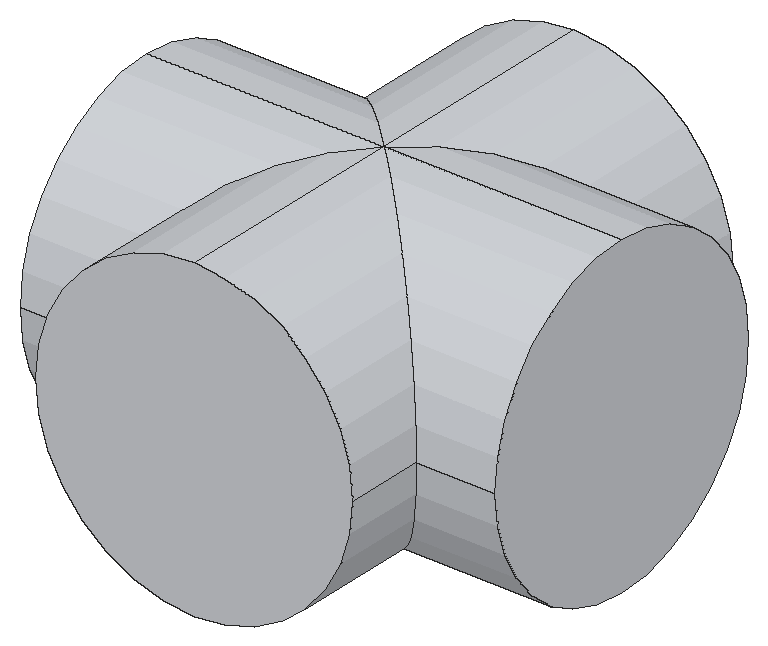
Revit family "M_Round Cross", category Duct Fittings, Revit 2014
Parameters (values of type "Standard")
  Shoulder [instance] = 75 mm
  Duct Radius 4 [instance] = 150 mm
  Duct Radius 3 [instance] = 150 mm
  Duct Radius 1 [instance] = 150 mm
  Duct Length 3 [instance] = Duct Radius 1 + Shoulder  # 225 mm
  Duct Length 1 [instance] = if(Duct Radius 3 > Duct Radius 4, Duct Radius 3 + Shoulder, Duct Radius 4 + Shoulder)  # 225 mm
  Duct Diameter 4 [instance] = Duct Radius 4 * 2  # 300 mm
  Duct Diameter 3 [instance] = Duct Radius 3 * 2  # 300 mm
  Duct Diameter 1 [instance] = Duct Radius 1 * 2  # 300 mm
  Assembly Code = ""
Reference planes
  plane 1 "Center (Front/Back)": y = 0
  plane 2: z = 0
  plane 3 "Center (Left/Right)": x = 0
  plane 4: y = 225
  plane 5: y = -225
  plane 6: x = -225
  plane 7: x = 225
Forms (mm)
  Sweep 1, solid, detail levels medium+fine
    path in 3D
      loop
        line (-225, 0, 0) -> (0, 0, 0)
    profile "M_Duct - Round : Duct - Round" origin (-112.5, 0, 0) x (0, 1, 0) y (0, 0, 1)
      loop
        arc (-150, 0) -> (-106.066, -106.066) -> (0, -150) r 150
        arc (0, -150) -> (106.066, -106.066) -> (150, 0) r 150
        arc (150, 0) -> (106.066, 106.066) -> (0, 150) r 150
        arc (0, 150) -> (-106.066, 106.066) -> (-150, 0) r 150
  Sweep 2, solid, detail levels medium+fine
    path in 3D
      loop
        line (0, 0, 0) -> (225, 0, 0)
    profile "M_Duct - Round : Duct - Round" origin (112.5, 0, 0) x (0, 1, 0) y (0, 0, 1)
      loop
        arc (-150, 0) -> (-106.066, -106.066) -> (0, -150) r 150
        arc (0, -150) -> (106.066, -106.066) -> (150, 0) r 150
        arc (150, 0) -> (106.066, 106.066) -> (0, 150) r 150
        arc (0, 150) -> (-106.066, 106.066) -> (-150, 0) r 150
  Sweep 3, solid, detail levels medium+fine
    path in 3D
      loop
        line (0, 225, 0) -> (0, 0, 0)
    profile "M_Duct - Round : Duct - Round 3" origin (0, 112.5, 0) x (1, 0, 0) y (0, 0, 1)
      loop
        arc (-150, 0) -> (-106.066, -106.066) -> (0, -150) r 150
        arc (0, -150) -> (106.066, -106.066) -> (150, 0) r 150
        arc (150, 0) -> (106.066, 106.066) -> (0, 150) r 150
        arc (0, 150) -> (-106.066, 106.066) -> (-150, 0) r 150
  Sweep 4, solid, detail levels medium+fine
    path in 3D
      loop
        line (0, -225, 0) -> (0, 0, 0)
    profile "M_Duct - Round : Duct - Round 4" origin (0, -112.5, 0) x (-1, 0, 0) y (0, 0, 1)
      loop
        arc (-150, 0) -> (-106.066, -106.066) -> (0, -150) r 150
        arc (0, -150) -> (106.066, -106.066) -> (150, 0) r 150
        arc (150, 0) -> (106.066, 106.066) -> (0, 150) r 150
        arc (0, 150) -> (-106.066, 106.066) -> (-150, 0) r 150
Cuts and joins
  joined: Sweep 1, Sweep 2, Sweep 3, Sweep 4
Lines and regions (mm)
  reference lines
    curve 1: line (-225, 0, 0) -> (0, 0, 0)
    curve 2: line (0, 0, 0) -> (225, 0, 0)
    curve 3: line (0, 225, 0) -> (0, 0, 0)
    curve 4: line (0, -225, 0) -> (0, 0, 0)
  sketch lines
    curve 5: line (-225, 0, 0) -> (0, 0, 0)
    curve 6: line (0, 0, 0) -> (225, 0, 0)
    curve 7: line (0, 225, 0) -> (0, 0, 0)
    curve 8: line (0, -225, 0) -> (0, 0, 0)
  model lines, style "DuctFitting", detail levels coarse
    curve 9: line (-225, 0, 0) -> (0, 0, 0)
    curve 10: line (0, 0, 0) -> (225, 0, 0)
    curve 11: line (0, 225, 0) -> (0, 0, 0)
    curve 12: line (0, -225, 0) -> (0, 0, 0)
Dimensions and locks
  equal spacing: plane 6, plane 3 "Center (Left/Right)", plane 7
  equal spacing: plane 5, plane 1 "Center (Front/Back)", plane 4
  "Duct Length 1": plane 6 to plane 3 "Center (Left/Right)"
  "Duct Length 3": plane 1 "Center (Front/Back)" to plane 4
  aligned and locked: plane 3 "Center (Left/Right)" to curve 1
  aligned and locked: plane 6 to curve 1
  aligned and locked: plane 1 "Center (Front/Back)" to curve 1
  aligned and locked: plane 7 to curve 2
  aligned and locked: plane 1 "Center (Front/Back)" to curve 2
  aligned and locked: plane 5 to curve 4
  aligned and locked: plane 3 "Center (Left/Right)" to curve 4
  aligned and locked: plane 4 to curve 3
  aligned and locked: curve 3 to plane 3 "Center (Left/Right)"
  aligned and locked: curve 9 to curve 1
  aligned and locked: curve 10 to curve 2
  aligned and locked: curve 11 to curve 3
  aligned and locked: curve 12 to curve 4
Automatic sketch dimensions
  curve 9 to plane 6 = 0 mm
  curve 10 to plane 7 = 0 mm
  curve 11 to plane 4 = 0 mm
  curve 12 to plane 5 = 0 mm
Connectors
  hvac at (-225, 0, 0), driven by "Duct Radius 1"
    settings: on cut or joined group of Sweep 1, Sweep 2, Sweep 3, Sweep 4, index 1, duct flow 0.0 L/s, flow factor 0, pres drop 0.0 Pa, loss coef 0, conn angle 0.00°, conn width 304.8 mm, conn height 304.8 mm, conn diameter 300 mm, duct sys type 28, conn prof type 0, flow config 0, flow direction 0, loss method 0, conn ref index 2, conn util no, is conn primary yes, conn desc ""
  hvac at (225, 0, 0), driven by "Duct Radius 1"
    settings: on cut or joined group of Sweep 1, Sweep 2, Sweep 3, Sweep 4, index 2, duct flow 0.0 L/s, flow factor 0, pres drop 0.0 Pa, loss coef 0, conn angle 0.00°, conn width 304.8 mm, conn height 304.8 mm, conn diameter 300 mm, duct sys type 28, conn prof type 0, flow config 0, flow direction 0, loss method 0, conn ref index 1, conn util no, is conn primary no, conn desc ""
  hvac at (0, 225, 0), driven by "Duct Radius 3"
    settings: on cut or joined group of Sweep 1, Sweep 2, Sweep 3, Sweep 4, index 3, duct flow 0.0 L/s, flow factor 0, pres drop 0.0 Pa, loss coef 0, conn angle 0.00°, conn width 304.8 mm, conn height 304.8 mm, conn diameter 300 mm, duct sys type 28, conn prof type 0, flow config 0, flow direction 0, loss method 0, conn ref index 4, conn util no, is conn primary no, conn desc ""
  hvac at (0, -225, 0), driven by "Duct Radius 4"
    settings: on cut or joined group of Sweep 1, Sweep 2, Sweep 3, Sweep 4, index 4, duct flow 0.0 L/s, flow factor 0, pres drop 0.0 Pa, loss coef 0, conn angle 0.00°, conn width 304.8 mm, conn height 304.8 mm, conn diameter 300 mm, duct sys type 28, conn prof type 0, flow config 0, flow direction 0, loss method 0, conn ref index 3, conn util no, is conn primary no, conn desc ""
